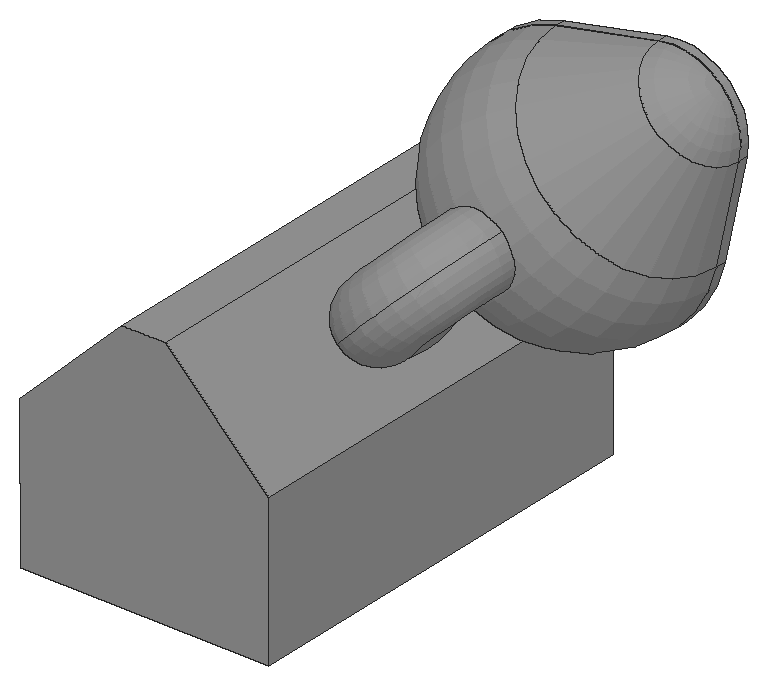
Revit family "Toilet-Willoughby-1445-ETW-R-FM-BS-HC", category Plumbing Fixtures, host Face, Revit 2014
Parameters (values of type "Standard")
  Waste DIA = 2 1/2"
  Waste Connection = yes
  Vent Connection = no
  URL = "www.willoughby-ind.com"
  Type Comments = "Blow Out Series"
  Revision = "A"
  Model = "ETW-1445-R-FM-BS"
  Manufacturer = "Willoughby Industries"
  HW Connection = no
  Flush Inlet DIA = 1 1/2"
  Flush Inlet Connection = yes
  Fixture Body = Stainless Steel AISI 304-Willoughby
  Description = "Floor Mount Toilet"
  Default Elevation = 0' - 0"
  Contact = "(800) 428-4065"
  CW Connection = no
Reference planes (in)
  plane 1 "Center (Front/Back)": y = 0
  plane 2: z = 0
  plane 3 "Center (Left/Right)": x = 0
  plane 4: z = 7.875
  plane 5: z = 13.25
  plane 6: z = 7.9375
  plane 7: x = 6.5
  plane 8: x = -6.5
  plane 9: y = 10.75
  plane 10: y = 5.75
  plane 11: x = 2.5
  plane 12: x = -6.5
  plane 13: x = 6.5
  plane 14: y = 17.5
  plane 15: y = 18
  plane 16: y = 10.75
  plane 17: y = 5.75
  plane 18: y = 14.5
  plane 19: x = -2.5
  plane 20: y = 19.75
  plane 21: through (1.125, 0, 13.25) normal (-0.7071, 0, -0.7071)
  plane 22: through (25.64078, 0, 13.48296) normal (0.7071, 0, 0.7071)
  plane 23: through (18.61391, 0, 6.45608) normal (0.7071, 0, 0.7071)
  plane 24: through (23.16591, 0, 11.00808) normal (0.7071, 0, 0.7071)
  plane 25: through (23.69624, 0, 11.53841) normal (0.7071, 0, 0.7071)
  plane 26: through (3.8125, 0, 10.5625) normal (0.7071, 0, -0.7071)
Forms (in)
  Extrusion 1, solid, material "Stainless Steel AISI 304-Willoughby" <- "Fixture Body"
    sketch origin (0, 0, 0) x (-1, 0, 0) y (0, 0, -1)
      loop
        line (6.5, 0) -> (-6.5, 0) -> (-6.5, -7.875) -> (-1.125, -13.25) -> (1.1875, -13.25) -> (6.5, -7.9375) -> (6.5, 0)
    from 0 to -22.5
  Revolve 2, solid, material "Stainless Steel AISI 304-Willoughby" <- "Fixture Body"
    sketch origin (0, 17.5, -24) x (0, 0, -1) y (1, 0, 0)
      loop
        line (-34.96025, 4.21025) -> (-35.3138, 4.5638)
        arc (-35.3138, 4.5638) -> (-41.70001, 2.91133) -> (-46.24264, 7.69451) r 6.5
        line (-46.24264, 7.69451) -> (-47.40172, 13.05189)
        arc (-47.40172, 13.05189) -> (-47.34706, 14.54692) -> (-46.58332, 15.83332) r 3.028
        line (-46.58332, 15.83332) -> (-46.93687, 16.18687)
        arc (-46.93687, 16.18687) -> (-47.82672, 14.68806) -> (-47.89042, 12.94616) r 3.528
        line (-47.89042, 12.94616) -> (-46.73059, 7.58534)
        arc (-46.73059, 7.58534) -> (-41.83946, 2.43116) -> (-34.96025, 4.21025) r 7
      axis (-46.93687, 16.18687) -> (-34.96025, 4.21025)
    angle from 0 to 180
  Extrusion 3, solid, material "Stainless Steel AISI 304-Willoughby" <- "Fixture Body"
    sketch origin (0, 0, 0) x (-1, 0, 0) y (0, 0, -1)
      loop
        arc (-7.58534, -22.73059) -> (-3.25249, -19.66517) -> (-2.31589, -14.44089) r 7
        line (-2.31589, -14.44089) -> (-1.125, -13.25) -> (-6.5, -7.875) -> (-7.69089, -9.06589)
        arc (-7.69089, -9.06589) -> (-12.91517, -10.00249) -> (-15.98059, -14.33534) r 7
        line (-15.98059, -14.33534) -> (-17.14042, -19.69616)
        arc (-17.14042, -19.69616) -> (-16.18687, -22.93687) -> (-12.94616, -23.89042) r 3.528
        line (-12.94616, -23.89042) -> (-7.58534, -22.73059)
      loop
        line (-13.68989, -22.39979) -> (-7.23238, -19.8652)
        arc (-7.23238, -19.8652) -> (-4.45388, -16.56855) -> (-5.68739, -12.43739) r 4.536
        arc (-5.68739, -12.43739) -> (-9.82127, -11.20445) -> (-13.11724, -13.98756) r 4.536
        line (-13.11724, -13.98756) -> (-15.6539, -20.45047)
        arc (-15.6539, -20.45047) -> (-15.72128, -21.30669) -> (-15.31147, -22.06147) r 1.512
        arc (-15.31147, -22.06147) -> (-14.55113, -22.47245) -> (-13.68989, -22.39979) r 1.512
    from -17.5 to -18
  Sweep 4, solid, material "Stainless Steel AISI 304-Willoughby" <- "Fixture Body"
    path origin (-7.33182, 0.22373, -0.58182) x (0, 1, 0) y (-0.707107, 0, -0.707107)
      loop
        arc (10.75, -22.78635) -> (7.84927, -20.55171) -> (9.26993, -17.17687) r 3
        line (9.26993, -17.17687) -> (17.28066, -12.55187)
    profile origin (7.20044, 8.073, 13.95044) x (0.180398, -0.966909, 0.180398) y (-0.707107, 0, 0.707107)
      loop
        circle (0, 0) r 2
  Revolve 5, solid, material "Stainless Steel AISI 304-Willoughby" <- "Fixture Body"
    sketch origin (0, 14.5, -24) x (0, 0, -1) y (1, 0, 0)
      loop
        line (-20.5, -2.5) -> (-20.5, -1.25) -> (-24.5, -1.25) -> (-24.5, -2.5) -> (-20.5, -2.5)
      axis (-20.5, -2.5) -> (-24.5, -2.5)
    angle from 0 to 360
  Revolve 6, solid, material "Stainless Steel AISI 304-Willoughby" <- "Fixture Body"
    sketch origin (0, 19.75, -24) x (0, 0, -1) y (1, 0, 0)
      loop
        line (-20.5, -2.5) -> (-20.5, -1.75) -> (-24.5, -1.75) -> (-24.5, -2.5) -> (-20.5, -2.5)
      axis (-20.5, -2.5) -> (-24.5, -2.5)
    angle from 0 to 360
Cuts and joins
  joined: Extrusion 1, Extrusion 3, Sweep 4
Lines and regions (in)
  symbolic lines
    curve 1: line (6.5, 0, 0) -> (-6.5, 0, 0)
    curve 2: line (-6.5, 0, 0) -> (-6.5, 22.5, 0)
    curve 3: line (-6.5, 22.5, 0) -> (6.5, 22.5, 0)
    curve 4: line (6.5, 22.5, 0) -> (6.5, 0, 0)
    curve 5: line (2.16, 17.5, 0) -> (1.125, 17.5, 0)
    curve 6: line (1.125, 17.5, 0) -> (1.125, 18, 0)
    curve 7: line (1.125, 18, 0) -> (17.2202, 18, 0)
    curve 8: line (17.2202, 18, 0) -> (17.2202, 17.5, 0)
    curve 9: arc (17.2202, 17.5, 0) -> (16.98852, 16.25, 0) -> (16.32428, 15.16605, 0) r 3.48804
    curve 10: line (16.32428, 15.16605, 0) -> (14.23522, 12.6764, 0)
    curve 11: arc (14.23522, 12.6764, 0) -> (12.64411, 11.43227, 0) -> (10.77111, 10.6764, 0) r 7.23571
    curve 12: arc (10.77111, 10.6764, 0) -> (8.76927, 10.70829, 0) -> (6.77874, 10.92332, 0) r 21.84518
    curve 13: arc (6.77874, 10.92332, 0) -> (5.09567, 11.82852, 0) -> (3.69294, 13.12638, 0) r 7.5697
    curve 14: arc (3.69294, 13.12638, 0) -> (2.52794, 15.17351, 0) -> (2.16, 17.5, 0) r 6.56877
    curve 15: arc (2.75434, 14.61193, 0) -> (2.40032, 12.58304, 0) -> (2.5, 10.52592, 0) r 9.33114
    curve 16: arc (2.5, 10.52592, 0) -> (2.95583, 8.742, 0) -> (3.97653, 7.20958, 0) r 5.48278
    curve 17: arc (3.97653, 7.20958, 0) -> (5.11001, 6.33124, 0) -> (6.5, 5.9788, 0) r 3.51424
    curve 18: arc (6.5, 5.9788, 0) -> (8.08228, 6.26556, 0) -> (9.3877, 7.20456, 0) r 3.64941
    curve 19: arc (9.3877, 7.20456, 0) -> (10.38267, 8.81964, 0) -> (10.77111, 10.6764, 0) r 5.51143
    curve 20: arc (6.32556, 11.11459, 0) -> (6.47618, 10.68684, 0) -> (6.65047, 10.26817, 0) r 8.11175
    curve 21: arc (6.65047, 10.26817, 0) -> (6.75087, 10.58865, 0) -> (6.77874, 10.92332, 0) r 1.52606
    curve 22: line (-6.5, 0, 0) -> (6.5, 0, 0)
    curve 23: line (6.5, 0, 0) -> (6.5, 0, 7.875)
    curve 24: line (6.5, 0, 7.875) -> (1.125, 0, 13.25)
    curve 25: line (1.125, 0, 13.25) -> (-1.1875, 0, 13.25)
    curve 26: line (-1.1875, 0, 13.25) -> (-6.5, 0, 7.9375)
    curve 27: line (-6.5, 0, 7.9375) -> (-6.5, 0, 0)
    curve 28: line (6.5, 0, 7.875) -> (7.69089, 0, 9.06589)
    curve 29: arc (7.68062, 0, 22.75188) -> (4.17585, 0, 10.99489) -> (15.98059, 0, 14.33534) r 7
    curve 30: line (2.31589, 0, 14.44089) -> (1.125, 0, 13.25)
    curve 31: line (15.98059, 0, 14.33534) -> (17.14042, 0, 19.69616)
    curve 32: arc (17.14042, 0, 19.69616) -> (17.07672, 0, 21.43806) -> (16.18687, 0, 22.93687) r 3.528
    curve 33: arc (16.18687, 0, 22.93687) -> (14.68806, 0, 23.82672) -> (12.94616, 0, 23.89042) r 3.528
    curve 34: line (12.94616, 0, 23.89042) -> (7.68062, 0, 22.75188)
    curve 40: line (0, 0, 0) -> (0, 22.5, 0)
    curve 41: line (0, 22.5, 0) -> (0, 22.5, 13.25)
    curve 42: line (0, 22.5, 13.25) -> (0, 0, 13.25)
    curve 43: line (0, 0, 13.25) -> (0, 0, 0)
    curve 44: line (0, 17.5, 8.91) -> (0, 17.5, 7.875)
    curve 45: line (0, 17.5, 7.875) -> (0, 18, 7.875)
    curve 46: line (0, 18, 7.875) -> (0, 18, 23.9702)
    curve 47: line (0, 18, 23.9702) -> (0, 17.5, 23.9702)
    curve 48: arc (0, 17.5, 23.9702) -> (0, 16.25, 23.74979) -> (0, 15.15077, 23.11515) r 3.65476
    curve 49: line (0, 15.15077, 23.11515) -> (0, 12.8689, 21.1524)
    curve 50: arc (0, 12.8689, 21.1524) -> (0, 11.48107, 19.5072) -> (0, 10.67999, 17.50944) r 6.76785
    curve 51: arc (0, 10.67999, 17.50944) -> (0, 10.71635, 15.5086) -> (0, 10.88933, 13.51492) r 29.26987
    curve 52: arc (0, 10.88933, 13.51492) -> (0, 11.81714, 11.83314) -> (0, 13.1299, 10.43105) r 7.75336
    curve 53: arc (0, 13.1299, 10.43105) -> (0, 15.17688, 9.27385) -> (0, 17.5, 8.91) r 6.58225
    curve 54: arc (0, 14.59133, 9.50971) -> (0, 12.55254, 9.15269) -> (0, 10.48391, 9.22249) r 10.01289
    curve 55: arc (0, 10.48391, 9.22249) -> (0, 8.43053, 9.887) -> (0, 6.73138, 11.21774) r 6.17316
    curve 56: arc (0, 6.73138, 11.21774) -> (0, 6.16527, 12.16243) -> (0, 5.9917, 13.25) r 2.90354
    curve 57: arc (0, 5.9917, 13.25) -> (0, 6.08279, 14.05796) -> (0, 6.301, 14.84121) r 5.10517
    curve 58: arc (0, 6.301, 14.84121) -> (0, 8.11883, 16.7853) -> (0, 10.67999, 17.50944) r 4.95875
    curve 59: arc (0, 10.88933, 13.51492) -> (0, 10.57201, 13.49502) -> (0, 10.26701, 13.40519) r 1.42353
    curve 60: line (0, 10.26701, 13.40519) -> (0, 11.08024, 13.07662)
  symbolic lines, detail levels fine
    curve 35: line (7.23238, 0, 19.8652) -> (13.68989, 0, 22.39979)
    curve 36: line (15.6539, 0, 20.45047) -> (13.11522, 0, 13.98241)
    curve 37: arc (15.6539, 0, 20.45047) -> (15.72457, 0, 21.30739) -> (15.31147, 0, 22.06147) r 1.49478
    curve 38: arc (15.31147, 0, 22.06147) -> (14.55113, 0, 22.47245) -> (13.68989, 0, 22.39979) r 1.512
    curve 39: arc (7.23238, 0, 19.8652) -> (5.68143, 0, 12.43141) -> (13.11522, 0, 13.98241) r 4.53841
Dimensions and locks (in)
  plane 8 to plane 7 = 1' - 1"
  plane 11 to plane 7 = 0' - 4"
  Extrusion 1 to plane 1 "Center (Front/Back)" = 1' - 10 1/2"
  plane 15 to plane 1 "Center (Front/Back)" = 1' - 6"
  plane 1 "Center (Front/Back)" to plane 18 = 1' - 2 1/2"
  plane 1 "Center (Front/Back)" to plane 20 = 1' - 7 3/4"
  plane 13 to plane 12 = 1' - 1"
  plane 19 to plane 12 = 0' - 4"
  aligned and locked: plane 2 to host face
  aligned and locked: level to host face
  aligned and locked: plane 13 to Extrusion 1
  aligned and locked: Extrusion 1 to plane 12
Connectors (in)
  piping at (-2.5, 14.5, -3.5), diameter 2.5, driven by "Waste Connection", driven by "Waste DIA"
    settings: on Revolve 5, index 3, connector inside diameter 24", connector length 0' - 0", flow factor 0, pipe flow 0 GPM, pressure drop 0.00 psi, fitting loss kfactor 0, connector angle 0.00°, fixture units 0, engagement length 0' - 0", angle of deflection 0.00°, flow configuration 0, flow direction 2, fitting loss method 0, system type 16, joint type 0, gender type 0, connector reference index -1, connector utility 1, adjustable connector no, is connector primary yes, connector description "Toilet Waste"
  piping at (-2.5, 19.75, -3.5), diameter 1.5, driven by "Flush Inlet Connection", driven by "Flush Inlet DIA"
    settings: on Revolve 6, index 4, connector inside diameter 24", connector length 0' - 0", flow factor 0, pipe flow 0 GPM, pressure drop 0.00 psi, fitting loss kfactor 0, connector angle 0.00°, fixture units 0, engagement length 0' - 0", angle of deflection 0.00°, flow configuration 0, flow direction 1, fitting loss method 0, system type 20, joint type 0, gender type 0, connector reference index -1, connector utility 1, adjustable connector no, is connector primary no, connector description "Flush Inlet"
